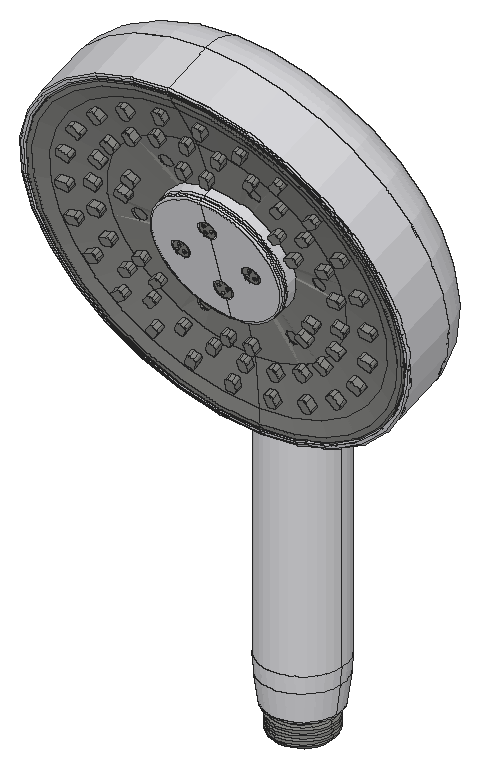
Revit family "Shower-Handshower-KOHLER-Statement_Round-K-R28694T_1", category Plumbing Fixtures, host Face, Revit 2021 (continued)
Definition of nested family "K-R28694T"
  Lines and regions (in)
    Masking region 2
      outline origin (0, 0, 0) x (0, 1, 0) y (0, 0, 1)
        loop
          line (-2.2705, 8.73882) -> (-2.13142, 8.31192) -> (-2.16332, 8.30153) -> (-2.0639, 7.99455) -> (-2.03146, 8.00512) -> (-2.00796, 7.93301) -> (-2.04053, 7.9224) -> (-1.97987, 7.73513) -> (-1.94698, 7.74584) -> (-1.8912, 7.57463) -> (-1.92438, 7.56382) -> (-1.87024, 7.39666) -> (-1.83677, 7.40757) -> (-1.75001, 7.13971) -> (-1.78351, 7.12879) -> (-1.73339, 6.97495) -> (-1.69942, 6.98602) -> (-1.58956, 6.64684) -> (-1.62315, 6.63583) -> (-1.58027, 6.50497) -> (-1.5457, 6.5163) -> (-1.43086, 6.16173) -> (-1.46481, 6.1506) -> (-1.42236, 6.02032) -> (-1.38839, 6.03138) -> (-1.27764, 5.69146) -> (-1.31161, 5.68039) -> (-1.2633, 5.53212) -> (-1.22985, 5.54301) -> (-1.14216, 5.27546) -> (-1.17564, 5.26455) -> (-1.1191, 5.09203) -> (-1.08586, 5.10286) -> (-1.02827, 4.92608) -> (-1.06119, 4.91535) -> (-1.00217, 4.73524) -> (-0.96955, 4.74587) -> (-0.94787, 4.67932) -> (-0.98037, 4.66873) -> (-0.86849, 4.32736) -> (-0.83658, 4.33776) -> (-0.69741, 3.91062)
          arc (-0.69741, 3.91062) -> (-0.6875, 3.89903) -> (-0.6723, 3.89784) r 0.01993
          line (-0.6723, 3.89784) -> (-0.6039, 3.92013)
          arc (-0.6039, 3.92013) -> (-0.55438, 3.91232) -> (-0.53161, 3.86765) r 0.05519
          line (-0.53161, 3.86765) -> (-0.53161, 0.9443)
          arc (-0.53161, 0.9443) -> (-0.52354, 0.81232) -> (-0.50857, 0.68095) r 2.5256
          line (-0.50857, 0.68095) -> (-0.46543, 0.374)
          arc (-0.46543, 0.374) -> (-0.45783, 0.35999) -> (-0.4429, 0.35441) r 0.02275
          line (-0.4429, 0.35441) -> (-0.39457, 0.35441)
          arc (-0.39457, 0.35441) -> (-0.37317, 0.34609) -> (-0.36301, 0.3255) r 0.03167
          line (-0.36301, 0.3255) -> (-0.35998, 0.29088)
          arc (-0.35998, 0.29088) -> (-0.36338, 0.27455) -> (-0.37522, 0.26282) r 0.02893
          line (-0.37522, 0.26282) -> (-0.4115, 0.24353) -> (-0.4115, 0.21272) -> (-0.3737, 0.19897) -> (-0.4115, 0.17887) -> (-0.4115, 0.14755) -> (-0.3698, 0.13237) -> (-0.4115, 0.1102) -> (-0.4115, 0.07911) -> (-0.36384, 0.05377) -> (-0.39104, 0.03807) -> (-0.35297, 0) -> (0.35297, 0)
    Masking region 3
      outline origin (0, 0, 0) x (1, 0, 0) y (0, 1, 0)
        loop
          spline (0, 0.82565) -> (-0.08657, 0.82411) -> (-0.17183, 0.81922) -> (-0.25446, 0.81108) -> (-0.33316, 0.7998) -> (-0.40669, 0.78556) -> (-0.47391, 0.76859) -> (-0.53376, 0.74915) -> (-0.5853, 0.72755) -> (-0.62773, 0.70413) -> (-0.66038, 0.67924) -> (-0.68274, 0.65329) -> (-0.69446, 0.62667)
          arc (-0.69446, 0.62667) -> (-0.74895, 0.58578) -> (-0.7858, 0.52849) r 0.19264
          line (-0.7858, 0.52849) -> (-0.7858, 0.32127)
          arc (-0.7858, 0.32127) -> (-1.31572, 0.23214) -> (-1.82546, 0.06205) r 3.46108
          arc (-1.82546, 0.06205) -> (-2.0902, -0.08094) -> (-2.32298, -0.27159) r 1.57809
          arc (-2.32298, -0.27159) -> (-2.4972, -0.50215) -> (-2.55906, -0.78443) r 0.67509
          line (-2.55906, -0.78443) -> (-2.55906, -1.48324)
          arc (-2.55906, -1.48324) -> (-2.53519, -1.5868) -> (-2.47757, -1.67609) r 0.30821
          arc (-2.47757, -1.67609) -> (-2.28319, -1.83899) -> (-2.05413, -1.94784) r 1.00145
          arc (-2.05413, -1.94784) -> (-1.04007, -2.19261) -> (0, -2.27318) r 6.54529
          arc (0, -2.27318) -> (1.04007, -2.19261) -> (2.05413, -1.94784) r 6.54529
          arc (2.05413, -1.94784) -> (2.28319, -1.83899) -> (2.47757, -1.67609) r 1.00145
          arc (2.47757, -1.67609) -> (2.53519, -1.5868) -> (2.55906, -1.48324) r 0.30821
          line (2.55906, -1.48324) -> (2.55906, -0.78443)
          arc (2.55906, -0.78443) -> (2.4972, -0.50215) -> (2.32298, -0.27159) r 0.67509
          arc (2.32298, -0.27159) -> (2.0902, -0.08094) -> (1.82546, 0.06205) r 1.57809
          arc (1.82546, 0.06205) -> (1.31572, 0.23214) -> (0.7858, 0.32127) r 3.46108
          line (0.7858, 0.32127) -> (0.7858, 0.52849)
          arc (0.7858, 0.52849) -> (0.74895, 0.58578) -> (0.69446, 0.62667) r 0.19264
          spline (0.69446, 0.62667) -> (0.68274, 0.65329) -> (0.66038, 0.67924) -> (0.62773, 0.70413) -> (0.5853, 0.72755) -> (0.53376, 0.74915) -> (0.47391, 0.76859) -> (0.40669, 0.78556) -> (0.33316, 0.7998) -> (0.25446, 0.81108) -> (0.17183, 0.81922) -> (0.08657, 0.82411) -> (0, 0.82565)
    symbolic lines, detail levels medium+fine
      curve 1: line (0.39457, 0, 0.35441) -> (-0.39457, 0, 0.35441)
      curve 2: line (0.35998, 0, 0.29088) -> (-0.35998, 0, 0.29088)
      curve 3: line (-0.37522, 0, 0.26282) -> (0.37522, 0, 0.26282)
      curve 4: line (0.3737, 0, 0.19897) -> (-0.3737, 0, 0.19897)
      curve 5: line (0.3698, 0, 0.13237) -> (-0.3698, 0, 0.13237)
      curve 6: line (0.36384, 0, 0.05377) -> (-0.36384, 0, 0.05377)
      curve 7: line (0.39104, 0, 0.03807) -> (-0.39104, 0, 0.03807)
      curve 8: line (0.4115, 0, 0.1102) -> (-0.4115, 0, 0.1102)
      curve 9: line (-0.4115, 0, 0.07911) -> (0.4115, 0, 0.07911)
      curve 10: line (0.4115, 0, 0.17887) -> (-0.4115, 0, 0.17887)
      curve 11: line (-0.4115, 0, 0.14755) -> (0.4115, 0, 0.14755)
      curve 12: line (0.4115, 0, 0.24353) -> (-0.4115, 0, 0.24353)
      curve 13: line (0.4115, 0, 0.21272) -> (-0.4115, 0, 0.21272)
      curve 14: line (0.36301, 0, 0.3255) -> (-0.36301, 0, 0.3255)
      curve 15: line (0, -0.36384, 0.05377) -> (0, 0.36384, 0.05377)
      curve 16: line (0, -0.4115, 0.1102) -> (0, 0.4115, 0.1102)
      curve 17: line (0, 0.4115, 0.07911) -> (0, -0.4115, 0.07911)
      curve 18: line (0, -0.39104, 0.03807) -> (0, 0.39104, 0.03807)
      curve 19: line (0, -0.4115, 0.14755) -> (0, 0.4115, 0.14755)
      curve 20: line (0, 0.3698, 0.13237) -> (0, -0.3698, 0.13237)
      curve 21: line (0, -0.3737, 0.19897) -> (0, 0.3737, 0.19897)
      curve 22: line (0, -0.4115, 0.21272) -> (0, 0.4115, 0.21272)
      curve 23: line (0, 0.4115, 0.24353) -> (0, -0.4115, 0.24353)
      curve 24: line (0, -0.35998, 0.29088) -> (0, 0.35998, 0.29088)
      curve 25: line (0, 0.39457, 0.35441) -> (0, -0.39457, 0.35441)
      curve 26: line (0, -0.36301, 0.3255) -> (0, 0.36301, 0.3255)
      curve 27: line (0, -0.4115, 0.17887) -> (0, 0.4115, 0.17887)
      curve 28: line (0, -0.37522, 0.26282) -> (0, 0.37522, 0.26282)
      curve 29: line (0, 0.41838, 5.55521) -> (0, 0.7365, 4.57885)
      curve 30: line (0, 0.01369, 4.20129) -> (0, 0.35112, 4.73921)
      curve 31: spline (0, 0.35112, 4.73921) -> (0, 0.34986, 4.75567) -> (0, 0.34849, 4.77211) -> (0, 0.34702, 4.78855) -> (0, 0.34543, 4.80496) -> (0, 0.34373, 4.82136) -> (0, 0.34193, 4.83774) -> (0, 0.34001, 4.8541) -> (0, 0.33798, 4.87044) -> (0, 0.33584, 4.88676) -> (0, 0.33359, 4.90305) -> (0, 0.33124, 4.91933) -> (0, 0.32877, 4.93557)
      curve 32: line (0, 0.03319, 5.95583) -> (0, 0.29108, 5.16429)
      curve 33: arc (0, 0.32877, 4.93557) -> (0, 0.31045, 5.05002) -> (0, 0.29108, 5.16429) r 12.57852
      curve 34: line (0, 0.09003, 5.92692) -> (0, 0.39493, 4.99109)
      curve 35: arc (0, 0.39493, 4.99109) -> (0, 0.42402, 4.8747) -> (0, 0.43657, 4.75539) r 0.85684
      curve 36: arc (0, 0.0527, 4.1233) -> (0, -0.23746, 3.98819) -> (0, -0.53161, 3.86201) r 10.46898
      curve 37: line (0, 0.0527, 4.1233) -> (0, 0.43657, 4.75539)
      curve 38: arc (0, -0.6039, 3.92013) -> (0, -0.29057, 4.05075) -> (0, 0.01369, 4.20129) r 5.26719
      curve 39: line (0, -2.13142, 8.31192) -> (0, -2.03118, 8.00519)
      curve 40: line (0, -2.00796, 7.93301) -> (0, -1.94682, 7.74589)
      curve 41: line (0, -1.8912, 7.57463) -> (0, -1.83751, 7.41035)
      curve 42: line (0, -1.75001, 7.13971) -> (0, -1.70091, 6.98814)
      curve 43: line (0, -1.58956, 6.64684) -> (0, -1.54635, 6.51499)
      curve 44: line (0, -1.43086, 6.16173) -> (0, -1.38839, 6.03138)
      curve 45: line (0, -1.27764, 5.69146) -> (0, -1.22905, 5.54233)
      curve 46: line (0, -1.14216, 5.27546) -> (0, -1.08118, 5.08829)
      curve 47: line (0, -1.02827, 4.92608) -> (0, -0.96955, 4.74587)
      curve 48: line (0, -0.94787, 4.67932) -> (0, -0.83658, 4.33776)
      curve 49: line (0, -0.53161, 0.9443) -> (0, 0.53161, 0.9443)
      curve 50: line (0.53161, 0, 0.9443) -> (-0.53161, 0, 0.9443)
      curve 51: line (-0.7858, 0.32127, 0) -> (-0.7858, 0.27478, 0)
      curve 52: line (0.7858, 0.32127, 0) -> (0.7858, 0.27478, 0)
      curve 53: line (-0.27923, 0.47966, 0) -> (-0.57632, 0.42158, 0)
      curve 54: line (-0.58803, 0.5083, 0) -> (-0.27923, 0.56868, 0)
      curve 55: spline (-0.27042, 0.57774, 0) -> (-0.2862, 0.59143, 0) -> (-0.29481, 0.60573, 0) -> (-0.29602, 0.62026, 0) -> (-0.28982, 0.63468, 0) -> (-0.27635, 0.64861, 0) -> (-0.25594, 0.6617, 0) -> (-0.22913, 0.67364, 0) -> (-0.19656, 0.68411, 0) -> (-0.15907, 0.69286, 0) -> (-0.11759, 0.69967, 0) -> (-0.07316, 0.70436, 0) -> (-0.0269, 0.70682, 0)
      curve 56: arc (-0.61585, 0.42161, 0) -> (-0.59609, 0.41859, 0) -> (-0.57632, 0.42158, 0) r 0.06651
      curve 57: arc (-0.69446, 0.62667, 0) -> (-0.69566, 0.59204, 0) -> (-0.68323, 0.55969, 0) r 0.08692
      curve 58: arc (-0.68323, 0.55969, 0) -> (-0.65414, 0.52876, 0) -> (-0.61577, 0.51059, 0) r 0.11415
      curve 59: arc (-0.61577, 0.51059, 0) -> (-0.602, 0.50825, 0) -> (-0.58803, 0.5083, 0) r 0.08098
      curve 60: line (-0.69685, 0.60641, 0) -> (-0.69685, 0.52241, 0)
      curve 61: arc (-0.27923, 0.56868, 0) -> (-0.27341, 0.57183, 0) -> (-0.27042, 0.57774, 0) r 0.0111
      curve 62: line (-0.27042, 0.57774, 0) -> (-0.27042, 0.48872, 0)
      curve 63: arc (-0.27042, 0.48872, 0) -> (-0.27341, 0.48282, 0) -> (-0.27923, 0.47966, 0) r 0.0111
      curve 64: line (-0.00792, 0.72165, 0) -> (-0.00792, 0.81905, 0)
      curve 65: arc (-0.0269, 0.70682, 0) -> (-0.01497, 0.71112, 0) -> (-0.00792, 0.72165, 0) r 0.0203
      curve 66: spline (0, 0.44743, 0) -> (-0.06823, 0.4504, 0) -> (-0.13169, 0.4587, 0) -> (-0.18612, 0.47179, 0) -> (-0.22785, 0.48877, 0) -> (-0.25406, 0.50851, 0) -> (-0.263, 0.52967, 0) -> (-0.25406, 0.55083, 0) -> (-0.22785, 0.57057, 0) -> (-0.18612, 0.58755, 0) -> (-0.13169, 0.60064, 0) -> (-0.06823, 0.60894, 0) -> (0, 0.61191, 0)
      curve 67: spline (0, 0.61191, 0) -> (0.06919, 0.60927, 0) -> (0.13378, 0.60115, 0) -> (0.18932, 0.58809, 0) -> (0.23197, 0.57101, 0) -> (0.2588, 0.55108, 0) -> (0.26796, 0.52967, 0) -> (0.2588, 0.50826, 0) -> (0.23197, 0.48833, 0) -> (0.18932, 0.47125, 0) -> (0.13378, 0.45819, 0) -> (0.06919, 0.45007, 0) -> (0, 0.44743, 0)
      curve 68: line (-0.00792, 0.72165, 0) -> (-0.00792, 0.61185, 0)
      curve 69: arc (-0.27042, 0.53631, 0) -> (-0.25654, 0.55078, 0) -> (-0.24029, 0.5625, 0) r 0.11074
      curve 70: line (0.28233, 0.47906, 0) -> (0.57632, 0.42158, 0)
      curve 71: arc (0.61577, 0.42158, 0) -> (0.59604, 0.41859, 0) -> (0.57632, 0.42158, 0) r 0.06651
      curve 72: line (0.69685, 0.60641, 0) -> (0.69685, 0.49678, 0)
      curve 73: line (0.59408, 0.50712, 0) -> (0.28723, 0.56711, 0)
      curve 74: arc (0.68323, 0.55969, 0) -> (0.64495, 0.52272, 0) -> (0.59408, 0.50712, 0) r 0.11415
      curve 75: spline (0.27042, 0.57774, 0) -> (0.2862, 0.59143, 0) -> (0.29481, 0.60573, 0) -> (0.29602, 0.62026, 0) -> (0.28982, 0.63468, 0) -> (0.27635, 0.64861, 0) -> (0.25594, 0.6617, 0) -> (0.22913, 0.67364, 0) -> (0.19656, 0.68411, 0) -> (0.15907, 0.69286, 0) -> (0.11759, 0.69967, 0) -> (0.07316, 0.70436, 0) -> (0.0269, 0.70682, 0)
      curve 76: line (0.00792, 0.81905, 0) -> (0.00792, 0.61189, 0)
      curve 77: arc (0.0269, 0.70682, 0) -> (0.0149, 0.71119, 0) -> (0.00792, 0.72188, 0) r 0.02022
      curve 78: arc (0.01526, 0.82542, 0) -> (0.01014, 0.8239, 0) -> (0.00792, 0.81905, 0) r 0.00643
      curve 79: arc (-0.00792, 0.81905, 0) -> (-0.01, 0.82406, 0) -> (-0.01501, 0.82614, 0) r 0.00709
      curve 80: arc (0.28723, 0.56711, 0) -> (0.27783, 0.57085, 0) -> (0.27042, 0.57774, 0) r 0.02748
      curve 81: line (0.27042, 0.57774, 0) -> (0.27042, 0.49352, 0)
      curve 82: arc (0.27042, 0.49352, 0) -> (0.27378, 0.48416, 0) -> (0.28233, 0.47906, 0) r 0.01474
      curve 83: arc (0.69446, 0.62667, 0) -> (0.69566, 0.59204, 0) -> (0.68323, 0.55969, 0) r 0.08692
      curve 84: arc (-2.38314, -1.02853, 0) -> (-2.50638, -0.93191, 0) -> (-2.55906, -0.78443, 0) r 0.28197
      curve 85: arc (2.55906, -0.78443, 0) -> (2.50712, -0.90473, 0) -> (2.42891, -1.00986, 0) r 0.56578
      curve 86: arc (-2.38314, -1.02853, 0) -> (0.02471, -1.49121, 0) -> (2.42891, -1.00986, 0) r 6.36819
      curve 87: spline (0, 0, 8.59988) -> (0.61929, 0, 8.52236) -> (1.19638, 0, 8.29508) -> (1.69193, 0, 7.93354) -> (2.07218, 0, 7.46236) -> (2.31122, 0, 6.91366) -> (2.39275, 0, 6.32484) -> (2.31122, 0, 5.73601) -> (2.07218, 0, 5.18732) -> (1.69193, 0, 4.71614) -> (1.19638, 0, 4.35459) -> (0.61929, 0, 4.12732) -> (0, 0, 4.0498)
      curve 88: spline (0, 0, 4.0498) -> (-0.61929, 0, 4.12732) -> (-1.19638, 0, 4.35459) -> (-1.69193, 0, 4.71614) -> (-2.07218, 0, 5.18732) -> (-2.31122, 0, 5.73601) -> (-2.39275, 0, 6.32484) -> (-2.31122, 0, 6.91366) -> (-2.07218, 0, 7.46236) -> (-1.69193, 0, 7.93354) -> (-1.19638, 0, 8.29508) -> (-0.61929, 0, 8.52236) -> (0, 0, 8.59988)
      curve 89: arc (-0.60441, 0, 3.9561) -> (-0.00619, 0, 3.88677) -> (0.59347, 0, 3.94229) r 2.90485
      curve 90: arc (-2.55906, 0, 6.32484) -> (-1.78493, 0, 8.07619) -> (0, 0, 8.76942) r 2.50559
      curve 91: arc (2.55906, 0, 6.32484) -> (1.78493, 0, 8.07619) -> (0, 0, 8.76942) r 2.50559
      curve 92: arc (0, 0, 8.67573) -> (-1.72452, 0, 8.01364) -> (-2.47302, 0, 6.32484) r 2.40881
      curve 93: arc (0, 0, 8.67573) -> (1.72452, 0, 8.01364) -> (2.47302, 0, 6.32484) r 2.40881
      curve 94: arc (0, 0, 3.97395) -> (-1.72452, 0, 4.63603) -> (-2.47302, 0, 6.32484) r 2.40881
      curve 95: arc (0, 0, 3.97395) -> (1.72452, 0, 4.63603) -> (2.47302, 0, 6.32484) r 2.40881
      curve 96: spline (0, 0, 5.55092) -> (-0.21894, 0, 5.57832) -> (-0.42295, 0, 5.65867) -> (-0.59815, 0, 5.78649) -> (-0.73258, 0, 5.95306) -> (-0.81709, 0, 6.14705) -> (-0.84591, 0, 6.35521) -> (-0.81709, 0, 6.56338) -> (-0.73258, 0, 6.75736) -> (-0.59815, 0, 6.92394) -> (-0.42295, 0, 7.05175) -> (-0.21894, 0, 7.1321) -> (0, 0, 7.15951)
      curve 97: spline (0, 0, 7.15951) -> (0.21894, 0, 7.1321) -> (0.42295, 0, 7.05175) -> (0.59815, 0, 6.92394) -> (0.73258, 0, 6.75736) -> (0.81709, 0, 6.56338) -> (0.84591, 0, 6.35521) -> (0.81709, 0, 6.14705) -> (0.73258, 0, 5.95306) -> (0.59815, 0, 5.78649) -> (0.42295, 0, 5.65867) -> (0.21894, 0, 5.57832) -> (0, 0, 5.55092)
      curve 98: spline (-0.00063, 0, 6.66363) -> (0.03164, 0, 6.66767) -> (0.0617, 0, 6.67951) -> (0.08752, 0, 6.69835) -> (0.10733, 0, 6.7229) -> (0.11978, 0, 6.75148) -> (0.12403, 0, 6.78216) -> (0.11978, 0, 6.81284) -> (0.10733, 0, 6.84142) -> (0.08752, 0, 6.86597) -> (0.0617, 0, 6.88481) -> (0.03164, 0, 6.89665) -> (-0.00063, 0, 6.90069)
      curve 99: spline (-0.00063, 0, 6.90069) -> (-0.03289, 0, 6.89665) -> (-0.06296, 0, 6.88481) -> (-0.08877, 0, 6.86597) -> (-0.10858, 0, 6.84142) -> (-0.12104, 0, 6.81284) -> (-0.12529, 0, 6.78216) -> (-0.12104, 0, 6.75148) -> (-0.10858, 0, 6.7229) -> (-0.08877, 0, 6.69835) -> (-0.06296, 0, 6.67951) -> (-0.03289, 0, 6.66767) -> (-0.00063, 0, 6.66363)
      curve 100: spline (-0.10574, 0, 6.78216) -> (-0.10216, 0, 6.80803) -> (-0.09166, 0, 6.83213) -> (-0.07496, 0, 6.85283) -> (-0.05319, 0, 6.86872) -> (-0.02783, 0, 6.8787) -> (-0.00063, 0, 6.88211) -> (0.02658, 0, 6.8787) -> (0.05193, 0, 6.86872) -> (0.0737, 0, 6.85283) -> (0.09041, 0, 6.83213) -> (0.10091, 0, 6.80803) -> (0.10449, 0, 6.78216)
      curve 101: spline (0.10449, 0, 6.78216) -> (0.10091, 0, 6.75629) -> (0.09041, 0, 6.73219) -> (0.0737, 0, 6.71149) -> (0.05193, 0, 6.6956) -> (0.02658, 0, 6.68562) -> (-0.00063, 0, 6.68221) -> (-0.02783, 0, 6.68562) -> (-0.05319, 0, 6.6956) -> (-0.07496, 0, 6.71149) -> (-0.09166, 0, 6.73219) -> (-0.10216, 0, 6.75629) -> (-0.10574, 0, 6.78216)
      curve 102: spline (0.00064, 0, 6.8138) -> (-0.00043, 0, 6.80608) -> (-0.00357, 0, 6.79888) -> (-0.00855, 0, 6.7927) -> (-0.01505, 0, 6.78796) -> (-0.02262, 0, 6.78498) -> (-0.03075, 0, 6.78396) -> (-0.03887, 0, 6.78498) -> (-0.04644, 0, 6.78796) -> (-0.05294, 0, 6.7927) -> (-0.05792, 0, 6.79888) -> (-0.06106, 0, 6.80608) -> (-0.06213, 0, 6.8138) -> (-0.06106, 0, 6.82152) -> (-0.05792, 0, 6.82872) -> (-0.05294, 0, 6.8349) -> (-0.04644, 0, 6.83964) -> (-0.03887, 0, 6.84262) -> (-0.03075, 0, 6.84364) -> (-0.02262, 0, 6.84262) -> (-0.01505, 0, 6.83964) -> (-0.00855, 0, 6.8349) -> (-0.00357, 0, 6.82872) -> (-0.00043, 0, 6.82152) -> (0.00064, 0, 6.8138)
      curve 103: spline (0.09091, 0, 6.76568) -> (0.08984, 0, 6.75795) -> (0.08671, 0, 6.75076) -> (0.08172, 0, 6.74458) -> (0.07522, 0, 6.73983) -> (0.06765, 0, 6.73685) -> (0.05953, 0, 6.73584) -> (0.05141, 0, 6.73685) -> (0.04384, 0, 6.73983) -> (0.03734, 0, 6.74458) -> (0.03235, 0, 6.75076) -> (0.02922, 0, 6.75795) -> (0.02815, 0, 6.76568) -> (0.02922, 0, 6.7734) -> (0.03235, 0, 6.7806) -> (0.03734, 0, 6.78678) -> (0.04384, 0, 6.79152) -> (0.05141, 0, 6.7945) -> (0.05953, 0, 6.79552) -> (0.06765, 0, 6.7945) -> (0.07522, 0, 6.79152) -> (0.08172, 0, 6.78678) -> (0.08671, 0, 6.7806) -> (0.08984, 0, 6.7734) -> (0.09091, 0, 6.76568)
      curve 104: spline (0.00184, 0, 6.73531) -> (0.00077, 0, 6.74303) -> (-0.00237, 0, 6.75023) -> (-0.00735, 0, 6.75641) -> (-0.01385, 0, 6.76115) -> (-0.02142, 0, 6.76413) -> (-0.02954, 0, 6.76515) -> (-0.03767, 0, 6.76413) -> (-0.04524, 0, 6.76115) -> (-0.05174, 0, 6.75641) -> (-0.05672, 0, 6.75023) -> (-0.05986, 0, 6.74303) -> (-0.06093, 0, 6.73531) -> (-0.05986, 0, 6.72759) -> (-0.05672, 0, 6.72039) -> (-0.05174, 0, 6.71421) -> (-0.04524, 0, 6.70947) -> (-0.03767, 0, 6.70649) -> (-0.02954, 0, 6.70547) -> (-0.02142, 0, 6.70649) -> (-0.01385, 0, 6.70947) -> (-0.00735, 0, 6.71421) -> (-0.00237, 0, 6.72039) -> (0.00077, 0, 6.72759) -> (0.00184, 0, 6.73531)
      curve 105: spline (-0.34679, 0, 6.3218) -> (-0.34807, 0, 6.35473) -> (-0.35883, 0, 6.38605) -> (-0.37824, 0, 6.41334) -> (-0.40481, 0, 6.43449) -> (-0.43648, 0, 6.44788) -> (-0.47079, 0, 6.45246) -> (-0.50511, 0, 6.44788) -> (-0.53677, 0, 6.43449) -> (-0.56334, 0, 6.41334) -> (-0.58275, 0, 6.38605) -> (-0.59352, 0, 6.35473) -> (-0.5948, 0, 6.3218)
      curve 106: spline (-0.46913, 0, 6.23556) -> (-0.49634, 0, 6.23897) -> (-0.52169, 0, 6.24895) -> (-0.54346, 0, 6.26484) -> (-0.56017, 0, 6.28554) -> (-0.57067, 0, 6.30964) -> (-0.57425, 0, 6.33551) -> (-0.57067, 0, 6.36138) -> (-0.56017, 0, 6.38548) -> (-0.54346, 0, 6.40618) -> (-0.52169, 0, 6.42207) -> (-0.49634, 0, 6.43205) -> (-0.46913, 0, 6.43546)
      curve 107: spline (-0.46913, 0, 6.43546) -> (-0.44193, 0, 6.43205) -> (-0.41657, 0, 6.42207) -> (-0.3948, 0, 6.40618) -> (-0.3781, 0, 6.38548) -> (-0.3676, 0, 6.36138) -> (-0.36401, 0, 6.33551) -> (-0.3676, 0, 6.30964) -> (-0.3781, 0, 6.28554) -> (-0.3948, 0, 6.26484) -> (-0.41657, 0, 6.24895) -> (-0.44193, 0, 6.23897) -> (-0.46913, 0, 6.23556)
      curve 108: spline (-0.59545, 0, 6.33393) -> (-0.5912, 0, 6.30325) -> (-0.57875, 0, 6.27467) -> (-0.55894, 0, 6.25012) -> (-0.53312, 0, 6.23128) -> (-0.50306, 0, 6.21944) -> (-0.47079, 0, 6.21541) -> (-0.43853, 0, 6.21944) -> (-0.40846, 0, 6.23128) -> (-0.38264, 0, 6.25012) -> (-0.36283, 0, 6.27467) -> (-0.35038, 0, 6.30325) -> (-0.34613, 0, 6.33393)
      curve 109: spline (-0.47231, 0, 6.34336) -> (-0.48044, 0, 6.34438) -> (-0.48801, 0, 6.34736) -> (-0.49451, 0, 6.3521) -> (-0.49949, 0, 6.35828) -> (-0.50263, 0, 6.36548) -> (-0.5037, 0, 6.3732) -> (-0.50263, 0, 6.38092) -> (-0.49949, 0, 6.38812) -> (-0.49451, 0, 6.3943) -> (-0.48801, 0, 6.39904) -> (-0.48044, 0, 6.40202) -> (-0.47231, 0, 6.40304)
      curve 110: spline (-0.47231, 0, 6.40304) -> (-0.46419, 0, 6.40202) -> (-0.45662, 0, 6.39904) -> (-0.45012, 0, 6.3943) -> (-0.44513, 0, 6.38812) -> (-0.442, 0, 6.38092) -> (-0.44093, 0, 6.3732) -> (-0.442, 0, 6.36548) -> (-0.44513, 0, 6.35828) -> (-0.45012, 0, 6.3521) -> (-0.45662, 0, 6.34736) -> (-0.46419, 0, 6.34438) -> (-0.47231, 0, 6.34336)
      curve 111: spline (-0.42341, 0, 6.25867) -> (-0.43153, 0, 6.25968) -> (-0.4391, 0, 6.26266) -> (-0.4456, 0, 6.26741) -> (-0.45059, 0, 6.27359) -> (-0.45372, 0, 6.28078) -> (-0.45479, 0, 6.28851) -> (-0.45372, 0, 6.29623) -> (-0.45059, 0, 6.30343) -> (-0.4456, 0, 6.30961) -> (-0.4391, 0, 6.31435) -> (-0.43153, 0, 6.31733) -> (-0.42341, 0, 6.31835)
      curve 112: spline (-0.42341, 0, 6.31835) -> (-0.41528, 0, 6.31733) -> (-0.40771, 0, 6.31435) -> (-0.40121, 0, 6.30961) -> (-0.39623, 0, 6.30343) -> (-0.39309, 0, 6.29623) -> (-0.39202, 0, 6.28851) -> (-0.39309, 0, 6.28078) -> (-0.39623, 0, 6.27359) -> (-0.40121, 0, 6.26741) -> (-0.40771, 0, 6.26266) -> (-0.41528, 0, 6.25968) -> (-0.42341, 0, 6.25867)
      curve 113: spline (-0.52293, 0, 6.27438) -> (-0.5148, 0, 6.2754) -> (-0.50723, 0, 6.27838) -> (-0.50073, 0, 6.28312) -> (-0.49575, 0, 6.2893) -> (-0.49261, 0, 6.2965) -> (-0.49154, 0, 6.30422) -> (-0.49261, 0, 6.31194) -> (-0.49575, 0, 6.31914) -> (-0.50073, 0, 6.32532) -> (-0.50723, 0, 6.33006) -> (-0.5148, 0, 6.33304) -> (-0.52293, 0, 6.33406)
      curve 114: spline (-0.52293, 0, 6.33406) -> (-0.53105, 0, 6.33304) -> (-0.53862, 0, 6.33006) -> (-0.54512, 0, 6.32532) -> (-0.5501, 0, 6.31914) -> (-0.55324, 0, 6.31194) -> (-0.55431, 0, 6.30422) -> (-0.55324, 0, 6.2965) -> (-0.5501, 0, 6.2893) -> (-0.54512, 0, 6.28312) -> (-0.53862, 0, 6.27838) -> (-0.53105, 0, 6.2754) -> (-0.52293, 0, 6.27438)
      curve 115: spline (0.00072, 0, 5.82092) -> (0.03444, 0, 5.82514) -> (0.06586, 0, 5.83752) -> (0.09285, 0, 5.85721) -> (0.11355, 0, 5.88286) -> (0.12657, 0, 5.91274) -> (0.13101, 0, 5.9448) -> (0.12657, 0, 5.97687) -> (0.11355, 0, 6.00674) -> (0.09285, 0, 6.0324) -> (0.06586, 0, 6.05209) -> (0.03444, 0, 6.06446) -> (0.00072, 0, 6.06868)
      curve 116: spline (0.00072, 0, 6.06868) -> (-0.033, 0, 6.06446) -> (-0.06443, 0, 6.05209) -> (-0.09141, 0, 6.0324) -> (-0.11212, 0, 6.00674) -> (-0.12513, 0, 5.97687) -> (-0.12957, 0, 5.9448) -> (-0.12513, 0, 5.91274) -> (-0.11212, 0, 5.88286) -> (-0.09141, 0, 5.85721) -> (-0.06443, 0, 5.83752) -> (-0.033, 0, 5.82514) -> (0.00072, 0, 5.82092)
      curve 117: spline (0.00072, 0, 6.03737) -> (-0.02877, 0, 6.03368) -> (-0.05625, 0, 6.02285) -> (-0.07985, 0, 6.00564) -> (-0.09795, 0, 5.9832) -> (-0.10933, 0, 5.95708) -> (-0.11322, 0, 5.92904) -> (-0.10933, 0, 5.901) -> (-0.09795, 0, 5.87487) -> (-0.07985, 0, 5.85244) -> (-0.05625, 0, 5.83522) -> (-0.02877, 0, 5.8244) -> (0.00072, 0, 5.82071)
      curve 118: spline (0, 0, 5.82071) -> (0.02957, 0, 5.82424) -> (0.05717, 0, 5.83494) -> (0.0809, 0, 5.85208) -> (0.09915, 0, 5.87448) -> (0.11066, 0, 5.90062) -> (0.11465, 0, 5.9287) -> (0.11085, 0, 5.9568) -> (0.09951, 0, 5.98301) -> (0.08141, 0, 6.00552) -> (0.05779, 0, 6.0228) -> (0.03026, 0, 6.03366) -> (0.00072, 0, 6.03737)
      curve 119: spline (0.06696, 0, 5.92797) -> (0.05982, 0, 5.92886) -> (0.05318, 0, 5.93148) -> (0.04747, 0, 5.93565) -> (0.04309, 0, 5.94107) -> (0.04034, 0, 5.94739) -> (0.0394, 0, 5.95417) -> (0.04034, 0, 5.96096) -> (0.04309, 0, 5.96728) -> (0.04747, 0, 5.9727) -> (0.05318, 0, 5.97687) -> (0.05982, 0, 5.97948) -> (0.06696, 0, 5.98038)
      curve 120: spline (0.06696, 0, 5.98038) -> (0.07409, 0, 5.97948) -> (0.08073, 0, 5.97687) -> (0.08644, 0, 5.9727) -> (0.09082, 0, 5.96728) -> (0.09358, 0, 5.96096) -> (0.09451, 0, 5.95417) -> (0.09358, 0, 5.94739) -> (0.09082, 0, 5.94107) -> (0.08644, 0, 5.93565) -> (0.08073, 0, 5.93148) -> (0.07409, 0, 5.92886) -> (0.06696, 0, 5.92797)
      curve 121: spline (-0.04479, 0, 6.00296) -> (-0.03766, 0, 6.00207) -> (-0.03101, 0, 5.99945) -> (-0.0253, 0, 5.99529) -> (-0.02092, 0, 5.98986) -> (-0.01817, 0, 5.98354) -> (-0.01723, 0, 5.97676) -> (-0.01817, 0, 5.96998) -> (-0.02092, 0, 5.96366) -> (-0.0253, 0, 5.95823) -> (-0.03101, 0, 5.95407) -> (-0.03766, 0, 5.95145) -> (-0.04479, 0, 5.95055)
      curve 122: spline (-0.04479, 0, 5.95055) -> (-0.05192, 0, 5.95145) -> (-0.05857, 0, 5.95407) -> (-0.06428, 0, 5.95823) -> (-0.06866, 0, 5.96366) -> (-0.07141, 0, 5.96998) -> (-0.07235, 0, 5.97676) -> (-0.07141, 0, 5.98354) -> (-0.06866, 0, 5.98986) -> (-0.06428, 0, 5.99529) -> (-0.05857, 0, 5.99945) -> (-0.05192, 0, 6.00207) -> (-0.04479, 0, 6.00296)
      curve 123: spline (-0.01115, 0, 5.92773) -> (-0.01829, 0, 5.92683) -> (-0.02493, 0, 5.92422) -> (-0.03064, 0, 5.92005) -> (-0.03502, 0, 5.91463) -> (-0.03777, 0, 5.90831) -> (-0.03871, 0, 5.90152) -> (-0.03777, 0, 5.89474) -> (-0.03502, 0, 5.88842) -> (-0.03064, 0, 5.88299) -> (-0.02493, 0, 5.87883) -> (-0.01829, 0, 5.87621) -> (-0.01115, 0, 5.87532)
      curve 124: spline (-0.01115, 0, 5.87532) -> (-0.00402, 0, 5.87621) -> (0.00263, 0, 5.87883) -> (0.00833, 0, 5.88299) -> (0.01271, 0, 5.88842) -> (0.01547, 0, 5.89474) -> (0.01641, 0, 5.90152) -> (0.01547, 0, 5.90831) -> (0.01271, 0, 5.91463) -> (0.00833, 0, 5.92005) -> (0.00263, 0, 5.92422) -> (-0.00402, 0, 5.92683) -> (-0.01115, 0, 5.92773)
      curve 125: spline (0.47231, 0, 6.40304) -> (0.48044, 0, 6.40202) -> (0.48801, 0, 6.39904) -> (0.49451, 0, 6.3943) -> (0.49949, 0, 6.38812) -> (0.50263, 0, 6.38092) -> (0.5037, 0, 6.3732) -> (0.50263, 0, 6.36548) -> (0.49949, 0, 6.35828) -> (0.49451, 0, 6.3521) -> (0.48801, 0, 6.34736) -> (0.48044, 0, 6.34438) -> (0.47231, 0, 6.34336)
      curve 126: spline (0.47231, 0, 6.34336) -> (0.46419, 0, 6.34438) -> (0.45662, 0, 6.34736) -> (0.45012, 0, 6.3521) -> (0.44513, 0, 6.35828) -> (0.442, 0, 6.36548) -> (0.44093, 0, 6.3732) -> (0.442, 0, 6.38092) -> (0.44513, 0, 6.38812) -> (0.45012, 0, 6.3943) -> (0.45662, 0, 6.39904) -> (0.46419, 0, 6.40202) -> (0.47231, 0, 6.40304)
      curve 127: spline (0.42341, 0, 6.27167) -> (0.43153, 0, 6.27269) -> (0.4391, 0, 6.27567) -> (0.4456, 0, 6.28041) -> (0.45059, 0, 6.28659) -> (0.45372, 0, 6.29379) -> (0.45479, 0, 6.30151) -> (0.45372, 0, 6.30924) -> (0.45059, 0, 6.31643) -> (0.4456, 0, 6.32261) -> (0.4391, 0, 6.32736) -> (0.43153, 0, 6.33034) -> (0.42341, 0, 6.33135)
      curve 128: spline (0.42341, 0, 6.33135) -> (0.41528, 0, 6.33034) -> (0.40771, 0, 6.32736) -> (0.40121, 0, 6.32261) -> (0.39623, 0, 6.31643) -> (0.39309, 0, 6.30924) -> (0.39202, 0, 6.30151) -> (0.39309, 0, 6.29379) -> (0.39623, 0, 6.28659) -> (0.40121, 0, 6.28041) -> (0.40771, 0, 6.27567) -> (0.41528, 0, 6.27269) -> (0.42341, 0, 6.27167)
      curve 129: spline (0.4923, 0, 6.29387) -> (0.49692, 0, 6.28367) -> (0.50514, 0, 6.27578) -> (0.51583, 0, 6.2713) -> (0.52751, 0, 6.27085) -> (0.53854, 0, 6.27449) -> (0.54742, 0, 6.28171) -> (0.5529, 0, 6.29152) -> (0.55423, 0, 6.30256) -> (0.55122, 0, 6.31329) -> (0.54429, 0, 6.32223) -> (0.5344, 0, 6.32815) -> (0.52293, 0, 6.33021)
      curve 130: spline (0.52293, 0, 6.33021) -> (0.5148, 0, 6.3292) -> (0.50723, 0, 6.32621) -> (0.50073, 0, 6.32147) -> (0.49575, 0, 6.31529) -> (0.49261, 0, 6.3081) -> (0.49154, 0, 6.30037) -> (0.49261, 0, 6.29265) -> (0.49575, 0, 6.28545) -> (0.50073, 0, 6.27927) -> (0.50723, 0, 6.27453) -> (0.5148, 0, 6.27155) -> (0.52293, 0, 6.27053)
      curve 131: spline (0.59545, 0, 6.33393) -> (0.5912, 0, 6.36461) -> (0.57875, 0, 6.39319) -> (0.55894, 0, 6.41774) -> (0.53312, 0, 6.43658) -> (0.50306, 0, 6.44842) -> (0.47079, 0, 6.45246) -> (0.43853, 0, 6.44842) -> (0.40846, 0, 6.43658) -> (0.38264, 0, 6.41774) -> (0.36283, 0, 6.39319) -> (0.35038, 0, 6.36461) -> (0.34613, 0, 6.33393)
      curve 132: spline (0.34613, 0, 6.33393) -> (0.35038, 0, 6.30325) -> (0.36283, 0, 6.27467) -> (0.38264, 0, 6.25012) -> (0.40846, 0, 6.23128) -> (0.43853, 0, 6.21944) -> (0.47079, 0, 6.21541) -> (0.50306, 0, 6.21944) -> (0.53312, 0, 6.23128) -> (0.55894, 0, 6.25012) -> (0.57875, 0, 6.27467) -> (0.5912, 0, 6.30325) -> (0.59545, 0, 6.33393)
      curve 133: spline (0.46913, 0, 6.23556) -> (0.44193, 0, 6.23897) -> (0.41657, 0, 6.24895) -> (0.3948, 0, 6.26484) -> (0.3781, 0, 6.28554) -> (0.3676, 0, 6.30964) -> (0.36401, 0, 6.33551) -> (0.3676, 0, 6.36138) -> (0.3781, 0, 6.38548) -> (0.3948, 0, 6.40618) -> (0.41657, 0, 6.42207) -> (0.44193, 0, 6.43205) -> (0.46913, 0, 6.43546)
      curve 134: spline (0.46913, 0, 6.43546) -> (0.49634, 0, 6.43205) -> (0.52169, 0, 6.42207) -> (0.54346, 0, 6.40618) -> (0.56017, 0, 6.38548) -> (0.57067, 0, 6.36138) -> (0.57425, 0, 6.33551) -> (0.57067, 0, 6.30964) -> (0.56017, 0, 6.28554) -> (0.54346, 0, 6.26484) -> (0.52169, 0, 6.24895) -> (0.49634, 0, 6.23897) -> (0.46913, 0, 6.23556)
      curve 135: line (0, 0, 5.5706) -> (0, 0, 7.13982)
      curve 136: line (0, 0, 7.13982) -> (0, 0, 5.5706)
      curve 137: spline (-0.32978, 0, 8.15926) -> (-0.32882, 0, 8.15483) -> (-0.32726, 0, 8.15056) -> (-0.32514, 0, 8.14652) -> (-0.32249, 0, 8.14278) -> (-0.31934, 0, 8.1394) -> (-0.31577, 0, 8.13643) -> (-0.31183, 0, 8.13394) -> (-0.30757, 0, 8.13196) -> (-0.30309, 0, 8.13053) -> (-0.29845, 0, 8.12967) -> (-0.29373, 0, 8.12939) -> (-0.28902, 0, 8.1297)
      curve 138: spline (-0.28902, 0, 8.1297) -> (-0.28466, 0, 8.13028) -> (-0.2803, 0, 8.13087) -> (-0.27594, 0, 8.13145) -> (-0.27158, 0, 8.13203) -> (-0.26723, 0, 8.13261) -> (-0.26287, 0, 8.13319) -> (-0.25851, 0, 8.13378) -> (-0.25415, 0, 8.13436) -> (-0.24979, 0, 8.13494) -> (-0.24543, 0, 8.13553) -> (-0.24107, 0, 8.13611) -> (-0.23671, 0, 8.13669)
      curve 139: spline (-0.23671, 0, 8.13669) -> (-0.23206, 0, 8.1376) -> (-0.22756, 0, 8.13907) -> (-0.22332, 0, 8.1411) -> (-0.21938, 0, 8.14365) -> (-0.21583, 0, 8.14666) -> (-0.21272, 0, 8.1501) -> (-0.21011, 0, 8.15389) -> (-0.20804, 0, 8.15799) -> (-0.20654, 0, 8.1623) -> (-0.20565, 0, 8.16677) -> (-0.20538, 0, 8.17131) -> (-0.20573, 0, 8.17584)
      curve 140: spline (-0.22077, 0, 8.27833) -> (-0.22174, 0, 8.28276) -> (-0.22329, 0, 8.28703) -> (-0.22541, 0, 8.29107) -> (-0.22807, 0, 8.29482) -> (-0.23121, 0, 8.2982) -> (-0.23478, 0, 8.30116) -> (-0.23872, 0, 8.30365) -> (-0.24297, 0, 8.30563) -> (-0.24746, 0, 8.30707) -> (-0.2521, 0, 8.30793) -> (-0.25681, 0, 8.30821) -> (-0.26152, 0, 8.3079)
      curve 141: spline (-0.26152, 0, 8.3079) -> (-0.26589, 0, 8.30731) -> (-0.27026, 0, 8.30673) -> (-0.27463, 0, 8.30615) -> (-0.279, 0, 8.30556) -> (-0.28337, 0, 8.30498) -> (-0.28774, 0, 8.30439) -> (-0.29211, 0, 8.30381) -> (-0.29648, 0, 8.30323) -> (-0.30085, 0, 8.30264) -> (-0.30522, 0, 8.30206) -> (-0.30959, 0, 8.30147) -> (-0.31396, 0, 8.30089)
      curve 142: spline (-0.31396, 0, 8.30089) -> (-0.3186, 0, 8.29999) -> (-0.32308, 0, 8.29852) -> (-0.32731, 0, 8.2965) -> (-0.33124, 0, 8.29396) -> (-0.33478, 0, 8.29096) -> (-0.33788, 0, 8.28753) -> (-0.34048, 0, 8.28375) -> (-0.34254, 0, 8.27967) -> (-0.34403, 0, 8.27537) -> (-0.34492, 0, 8.27092) -> (-0.34519, 0, 8.26639) -> (-0.34484, 0, 8.26187)
      curve 143: spline (-0.34484, 0, 8.26187) -> (-0.34359, 0, 8.25332) -> (-0.34233, 0, 8.24477) -> (-0.34108, 0, 8.23622) -> (-0.33982, 0, 8.22766) -> (-0.33857, 0, 8.21911) -> (-0.33731, 0, 8.21056) -> (-0.33606, 0, 8.20201) -> (-0.3348, 0, 8.19346) -> (-0.33355, 0, 8.18491) -> (-0.33229, 0, 8.17636) -> (-0.33104, 0, 8.16781) -> (-0.32978, 0, 8.15926)
      curve 144: spline (-0.20573, 0, 8.17584) -> (-0.20698, 0, 8.18438) -> (-0.20824, 0, 8.19292) -> (-0.20949, 0, 8.20146) -> (-0.21075, 0, 8.21) -> (-0.212, 0, 8.21854) -> (-0.21325, 0, 8.22708) -> (-0.21451, 0, 8.23562) -> (-0.21576, 0, 8.24416) -> (-0.21701, 0, 8.2527) -> (-0.21827, 0, 8.26124) -> (-0.21952, 0, 8.26979) -> (-0.22077, 0, 8.27833)
      curve 145: spline (-0.76792, 0, 7.9998) -> (-0.76387, 0, 8.00144) -> (-0.75981, 0, 8.00307) -> (-0.75576, 0, 8.00471) -> (-0.75171, 0, 8.00634) -> (-0.74766, 0, 8.00798) -> (-0.74361, 0, 8.00961) -> (-0.73955, 0, 8.01125) -> (-0.7355, 0, 8.01288) -> (-0.73145, 0, 8.01452) -> (-0.7274, 0, 8.01616) -> (-0.72335, 0, 8.01779) -> (-0.71929, 0, 8.01943)
      curve 146: spline (-0.71929, 0, 8.01943) -> (-0.71504, 0, 8.02145) -> (-0.71111, 0, 8.02398) -> (-0.70755, 0, 8.02699) -> (-0.70444, 0, 8.03041) -> (-0.70182, 0, 8.0342) -> (-0.69975, 0, 8.03829) -> (-0.69825, 0, 8.0426) -> (-0.69736, 0, 8.04706) -> (-0.69708, 0, 8.0516) -> (-0.69743, 0, 8.05613) -> (-0.6984, 0, 8.06058) -> (-0.69996, 0, 8.06488)
      curve 147: spline (-0.69996, 0, 8.06488) -> (-0.70348, 0, 8.07282) -> (-0.707, 0, 8.08076) -> (-0.71052, 0, 8.0887) -> (-0.71404, 0, 8.09665) -> (-0.71756, 0, 8.10459) -> (-0.72108, 0, 8.11253) -> (-0.7246, 0, 8.12047) -> (-0.72812, 0, 8.12842) -> (-0.73164, 0, 8.13636) -> (-0.73516, 0, 8.1443) -> (-0.73867, 0, 8.15225) -> (-0.74219, 0, 8.16019)
      curve 148: spline (-0.74219, 0, 8.16019) -> (-0.74432, 0, 8.16424) -> (-0.74698, 0, 8.16798) -> (-0.75012, 0, 8.17136) -> (-0.75369, 0, 8.17433) -> (-0.75764, 0, 8.17682) -> (-0.76189, 0, 8.17881) -> (-0.76637, 0, 8.18025) -> (-0.77101, 0, 8.18111) -> (-0.77573, 0, 8.1814) -> (-0.78044, 0, 8.18109) -> (-0.78507, 0, 8.1802) -> (-0.78954, 0, 8.17874)
      curve 149: spline (-0.78954, 0, 8.17874) -> (-0.7936, 0, 8.1771) -> (-0.79766, 0, 8.17546) -> (-0.80173, 0, 8.17382) -> (-0.80579, 0, 8.17218) -> (-0.80985, 0, 8.17054) -> (-0.81391, 0, 8.1689) -> (-0.81797, 0, 8.16726) -> (-0.82204, 0, 8.16562) -> (-0.8261, 0, 8.16398) -> (-0.83016, 0, 8.16234) -> (-0.83422, 0, 8.1607) -> (-0.83828, 0, 8.15906)
      curve 150: spline (-0.83828, 0, 8.15906) -> (-0.84252, 0, 8.15705) -> (-0.84644, 0, 8.15453) -> (-0.84999, 0, 8.15153) -> (-0.85309, 0, 8.14812) -> (-0.8557, 0, 8.14434) -> (-0.85776, 0, 8.14027) -> (-0.85926, 0, 8.13598) -> (-0.86015, 0, 8.13153) -> (-0.86042, 0, 8.127) -> (-0.86007, 0, 8.12248) -> (-0.85911, 0, 8.11805) -> (-0.85755, 0, 8.11376)
      curve 151: spline (-0.85755, 0, 8.11376) -> (-0.85403, 0, 8.10581) -> (-0.85051, 0, 8.09786) -> (-0.84698, 0, 8.0899) -> (-0.84346, 0, 8.08195) -> (-0.83994, 0, 8.074) -> (-0.83641, 0, 8.06604) -> (-0.83289, 0, 8.05809) -> (-0.82937, 0, 8.05014) -> (-0.82584, 0, 8.04219) -> (-0.82232, 0, 8.03424) -> (-0.81879, 0, 8.02628) -> (-0.81527, 0, 8.01833)
      curve 152: spline (-0.81527, 0, 8.01833) -> (-0.81314, 0, 8.01429) -> (-0.81049, 0, 8.01055) -> (-0.80734, 0, 8.00717) -> (-0.80377, 0, 8.0042) -> (-0.79982, 0, 8.00171) -> (-0.79557, 0, 7.99972) -> (-0.79109, 0, 7.99829) -> (-0.78645, 0, 7.99742) -> (-0.78173, 0, 7.99714) -> (-0.77702, 0, 7.99745) -> (-0.77239, 0, 7.99834) -> (-0.76792, 0, 7.9998)
      curve 153: spline (-0.76778, 0, 7.99986) -> (-0.76373, 0, 8.00149) -> (-0.75967, 0, 8.00313) -> (-0.75562, 0, 8.00476) -> (-0.75157, 0, 8.0064) -> (-0.74752, 0, 8.00803) -> (-0.74346, 0, 8.00967) -> (-0.73941, 0, 8.01131) -> (-0.73536, 0, 8.01294) -> (-0.73131, 0, 8.01458) -> (-0.72726, 0, 8.01621) -> (-0.7232, 0, 8.01785) -> (-0.71915, 0, 8.01948)
      curve 154: spline (-1.19513, 0, 7.75647) -> (-1.19166, 0, 7.75905) -> (-1.18818, 0, 7.76164) -> (-1.1847, 0, 7.76422) -> (-1.18122, 0, 7.76681) -> (-1.17774, 0, 7.76939) -> (-1.17426, 0, 7.77198) -> (-1.17078, 0, 7.77456) -> (-1.1673, 0, 7.77714) -> (-1.16382, 0, 7.77973) -> (-1.16034, 0, 7.78231) -> (-1.15687, 0, 7.7849) -> (-1.15339, 0, 7.78748)
      curve 155: spline (-1.14714, 0, 7.83606) -> (-1.15269, 0, 7.84287) -> (-1.15824, 0, 7.84968) -> (-1.16378, 0, 7.85648) -> (-1.16933, 0, 7.86329) -> (-1.17487, 0, 7.8701) -> (-1.18042, 0, 7.87691) -> (-1.18596, 0, 7.88372) -> (-1.19151, 0, 7.89052) -> (-1.19705, 0, 7.89733) -> (-1.2026, 0, 7.90414) -> (-1.20814, 0, 7.91095) -> (-1.21369, 0, 7.91776)
      curve 156: spline (-1.21369, 0, 7.91776) -> (-1.21683, 0, 7.92114) -> (-1.22041, 0, 7.92411) -> (-1.22436, 0, 7.9266) -> (-1.22861, 0, 7.92859) -> (-1.23309, 0, 7.93003) -> (-1.23773, 0, 7.9309) -> (-1.24245, 0, 7.93119) -> (-1.24716, 0, 7.93088) -> (-1.25179, 0, 7.92999) -> (-1.25626, 0, 7.92854) -> (-1.26048, 0, 7.92654) -> (-1.2644, 0, 7.92403)
      curve 157: spline (-1.30613, 0, 7.89303) -> (-1.30967, 0, 7.89004) -> (-1.31278, 0, 7.88664) -> (-1.31539, 0, 7.88287) -> (-1.31746, 0, 7.87881) -> (-1.31895, 0, 7.87452) -> (-1.31985, 0, 7.87008) -> (-1.32013, 0, 7.86556) -> (-1.31978, 0, 7.86105) -> (-1.31883, 0, 7.85661) -> (-1.31727, 0, 7.85233) -> (-1.31514, 0, 7.84827) -> (-1.31248, 0, 7.84452)
      curve 158: spline (-1.31248, 0, 7.84452) -> (-1.30692, 0, 7.8377) -> (-1.30137, 0, 7.83089) -> (-1.29582, 0, 7.82407) -> (-1.29027, 0, 7.81725) -> (-1.28472, 0, 7.81043) -> (-1.27917, 0, 7.80362) -> (-1.27361, 0, 7.7968) -> (-1.26806, 0, 7.78999) -> (-1.26251, 0, 7.78317) -> (-1.25696, 0, 7.77636) -> (-1.25141, 0, 7.76954) -> (-1.24585, 0, 7.76273)
      curve 159: spline (-1.24585, 0, 7.76273) -> (-1.24271, 0, 7.75934) -> (-1.23913, 0, 7.75638) -> (-1.23518, 0, 7.75388) -> (-1.23093, 0, 7.7519) -> (-1.22644, 0, 7.75046) -> (-1.2218, 0, 7.74959) -> (-1.21709, 0, 7.74931) -> (-1.21237, 0, 7.74961) -> (-1.20775, 0, 7.7505) -> (-1.20328, 0, 7.75196) -> (-1.19905, 0, 7.75396) -> (-1.19513, 0, 7.75647)
      curve 160: spline (-1.19501, 0, 7.75656) -> (-1.19155, 0, 7.75913) -> (-1.18808, 0, 7.76171) -> (-1.18461, 0, 7.76429) -> (-1.18114, 0, 7.76687) -> (-1.17767, 0, 7.76944) -> (-1.1742, 0, 7.77202) -> (-1.17073, 0, 7.7746) -> (-1.16726, 0, 7.77717) -> (-1.16379, 0, 7.77975) -> (-1.16032, 0, 7.78233) -> (-1.15686, 0, 7.78491) -> (-1.15339, 0, 7.78748)
      curve 161: spline (-1.2644, 0, 7.92403) -> (-1.26788, 0, 7.92144) -> (-1.27136, 0, 7.91886) -> (-1.27483, 0, 7.91628) -> (-1.27831, 0, 7.91369) -> (-1.28179, 0, 7.91111) -> (-1.28526, 0, 7.90853) -> (-1.28874, 0, 7.90594) -> (-1.29222, 0, 7.90336) -> (-1.2957, 0, 7.90078) -> (-1.29917, 0, 7.89819) -> (-1.30265, 0, 7.89561) -> (-1.30613, 0, 7.89303)
      curve 162: spline (-1.14714, 0, 7.83606) -> (-1.15269, 0, 7.84287) -> (-1.15824, 0, 7.84968) -> (-1.16378, 0, 7.85648) -> (-1.16933, 0, 7.86329) -> (-1.17487, 0, 7.8701) -> (-1.18042, 0, 7.87691) -> (-1.18596, 0, 7.88372) -> (-1.19151, 0, 7.89052) -> (-1.19705, 0, 7.89733) -> (-1.2026, 0, 7.90414) -> (-1.20814, 0, 7.91095) -> (-1.21369, 0, 7.91776)
      curve 163: spline (-1.26453, 0, 7.92393) -> (-1.268, 0, 7.92135) -> (-1.27148, 0, 7.91877) -> (-1.27496, 0, 7.91618) -> (-1.27844, 0, 7.9136) -> (-1.28191, 0, 7.91102) -> (-1.28539, 0, 7.90843) -> (-1.28887, 0, 7.90585) -> (-1.29235, 0, 7.90327) -> (-1.29582, 0, 7.90068) -> (-1.2993, 0, 7.8981) -> (-1.30278, 0, 7.89552) -> (-1.30626, 0, 7.89293)
      curve 164: spline (-1.15351, 0, 7.78739) -> (-1.14995, 0, 7.79039) -> (-1.14684, 0, 7.79381) -> (-1.14422, 0, 7.79759) -> (-1.14214, 0, 7.80166) -> (-1.14064, 0, 7.80597) -> (-1.13975, 0, 7.81042) -> (-1.13947, 0, 7.81495) -> (-1.13981, 0, 7.81949) -> (-1.14077, 0, 7.82394) -> (-1.14234, 0, 7.82823) -> (-1.14447, 0, 7.8323) -> (-1.14714, 0, 7.83606)
      curve 165: spline (-1.54156, 0, 7.41629) -> (-1.53891, 0, 7.41963) -> (-1.53626, 0, 7.42297) -> (-1.53361, 0, 7.42632) -> (-1.53096, 0, 7.42966) -> (-1.52831, 0, 7.433) -> (-1.52566, 0, 7.43634) -> (-1.52301, 0, 7.43969) -> (-1.52036, 0, 7.44303) -> (-1.51771, 0, 7.44637) -> (-1.51507, 0, 7.44972) -> (-1.51242, 0, 7.45306) -> (-1.50977, 0, 7.4564)
      curve 166: spline (-1.50977, 0, 7.4564) -> (-1.50715, 0, 7.46017) -> (-1.50507, 0, 7.46424) -> (-1.50356, 0, 7.46853) -> (-1.50266, 0, 7.47298) -> (-1.50238, 0, 7.47751) -> (-1.50272, 0, 7.48204) -> (-1.50368, 0, 7.48648) -> (-1.50524, 0, 7.49078) -> (-1.50737, 0, 7.49484) -> (-1.51004, 0, 7.49861) -> (-1.51321, 0, 7.50201) -> (-1.5168, 0, 7.50499)
      curve 167: spline (-1.5168, 0, 7.50499) -> (-1.524, 0, 7.5102) -> (-1.53119, 0, 7.51541) -> (-1.53838, 0, 7.52063) -> (-1.54558, 0, 7.52584) -> (-1.55277, 0, 7.53105) -> (-1.55996, 0, 7.53627) -> (-1.56716, 0, 7.54148) -> (-1.57435, 0, 7.54669) -> (-1.58154, 0, 7.55191) -> (-1.58874, 0, 7.55712) -> (-1.59593, 0, 7.56234) -> (-1.60312, 0, 7.56755)
      curve 168: spline (-1.60312, 0, 7.56755) -> (-1.60707, 0, 7.57005) -> (-1.61132, 0, 7.57203) -> (-1.61581, 0, 7.57347) -> (-1.62045, 0, 7.57434) -> (-1.62517, 0, 7.57463) -> (-1.62988, 0, 7.57433) -> (-1.63451, 0, 7.57345) -> (-1.63897, 0, 7.572) -> (-1.6432, 0, 7.57) -> (-1.64711, 0, 7.56749) -> (-1.65065, 0, 7.56452) -> (-1.65375, 0, 7.56113)
      curve 169: spline (-1.65375, 0, 7.56113) -> (-1.6564, 0, 7.55778) -> (-1.65906, 0, 7.55443) -> (-1.66171, 0, 7.55108) -> (-1.66437, 0, 7.54773) -> (-1.66702, 0, 7.54438) -> (-1.66968, 0, 7.54103) -> (-1.67234, 0, 7.53768) -> (-1.67499, 0, 7.53432) -> (-1.67765, 0, 7.53097) -> (-1.6803, 0, 7.52762) -> (-1.68296, 0, 7.52427) -> (-1.68561, 0, 7.52092)
      curve 170: spline (-1.68561, 0, 7.52092) -> (-1.68823, 0, 7.51717) -> (-1.6903, 0, 7.51311) -> (-1.6918, 0, 7.50883) -> (-1.6927, 0, 7.5044) -> (-1.69298, 0, 7.49989) -> (-1.69264, 0, 7.49538) -> (-1.69169, 0, 7.49094) -> (-1.69013, 0, 7.48666) -> (-1.68801, 0, 7.48261) -> (-1.68535, 0, 7.47886) -> (-1.68219, 0, 7.47546) -> (-1.67861, 0, 7.47249)
      curve 171: spline (-1.67861, 0, 7.47249) -> (-1.67141, 0, 7.46727) -> (-1.66421, 0, 7.46205) -> (-1.657, 0, 7.45683) -> (-1.6498, 0, 7.45161) -> (-1.6426, 0, 7.44639) -> (-1.6354, 0, 7.44117) -> (-1.6282, 0, 7.43595) -> (-1.621, 0, 7.43073) -> (-1.61379, 0, 7.42551) -> (-1.60659, 0, 7.42029) -> (-1.59939, 0, 7.41508) -> (-1.59219, 0, 7.40986)
      curve 172: spline (-1.59219, 0, 7.40986) -> (-1.58824, 0, 7.40736) -> (-1.58398, 0, 7.40538) -> (-1.5795, 0, 7.40394) -> (-1.57486, 0, 7.40307) -> (-1.57014, 0, 7.40278) -> (-1.56543, 0, 7.40309) -> (-1.5608, 0, 7.40397) -> (-1.55633, 0, 7.40542) -> (-1.55211, 0, 7.40742) -> (-1.54819, 0, 7.40993) -> (-1.54466, 0, 7.4129) -> (-1.54156, 0, 7.41629)
      curve 173: spline (-1.76379, 0, 7.04901) -> (-1.76228, 0, 7.0533) -> (-1.76138, 0, 7.05774) -> (-1.76109, 0, 7.06226) -> (-1.76143, 0, 7.06678) -> (-1.76239, 0, 7.07122) -> (-1.76394, 0, 7.07551) -> (-1.76607, 0, 7.07957) -> (-1.76874, 0, 7.08334) -> (-1.7719, 0, 7.08674) -> (-1.7755, 0, 7.08972) -> (-1.77947, 0, 7.09223) -> (-1.78375, 0, 7.09422)
      curve 174: spline (-1.78375, 0, 7.09422) -> (-1.7921, 0, 7.09749) -> (-1.80045, 0, 7.10075) -> (-1.8088, 0, 7.10402) -> (-1.81715, 0, 7.10729) -> (-1.8255, 0, 7.11055) -> (-1.83385, 0, 7.11382) -> (-1.8422, 0, 7.11709) -> (-1.85055, 0, 7.12036) -> (-1.85891, 0, 7.12363) -> (-1.86726, 0, 7.12689) -> (-1.87561, 0, 7.13016) -> (-1.88396, 0, 7.13343)
      curve 175: spline (-1.88396, 0, 7.13343) -> (-1.88844, 0, 7.13487) -> (-1.89308, 0, 7.13574) -> (-1.8978, 0, 7.13603) -> (-1.90251, 0, 7.13573) -> (-1.90714, 0, 7.13485) -> (-1.9116, 0, 7.1334) -> (-1.91582, 0, 7.13141) -> (-1.91974, 0, 7.12891) -> (-1.92327, 0, 7.12594) -> (-1.92637, 0, 7.12256) -> (-1.92897, 0, 7.11882) -> (-1.93105, 0, 7.11478)
      curve 176: spline (-1.93105, 0, 7.11478) -> (-1.9327, 0, 7.11089) -> (-1.93435, 0, 7.107) -> (-1.936, 0, 7.10311) -> (-1.93766, 0, 7.09922) -> (-1.93931, 0, 7.09533) -> (-1.94096, 0, 7.09144) -> (-1.94262, 0, 7.08755) -> (-1.94427, 0, 7.08366) -> (-1.94592, 0, 7.07977) -> (-1.94758, 0, 7.07588) -> (-1.94923, 0, 7.07199) -> (-1.95088, 0, 7.0681)
      curve 177: spline (-1.95088, 0, 7.0681) -> (-1.95238, 0, 7.06383) -> (-1.95329, 0, 7.0594) -> (-1.95357, 0, 7.0549) -> (-1.95323, 0, 7.05039) -> (-1.95228, 0, 7.04597) -> (-1.95073, 0, 7.04169) -> (-1.94861, 0, 7.03764) -> (-1.94595, 0, 7.03389) -> (-1.9428, 0, 7.0305) -> (-1.93922, 0, 7.02753) -> (-1.93526, 0, 7.02502) -> (-1.931, 0, 7.02303)
      curve 178: spline (-1.931, 0, 7.02303) -> (-1.92264, 0, 7.01976) -> (-1.91428, 0, 7.01649) -> (-1.90592, 0, 7.01322) -> (-1.89756, 0, 7.00994) -> (-1.88919, 0, 7.00667) -> (-1.88083, 0, 7.0034) -> (-1.87247, 0, 7.00013) -> (-1.86411, 0, 6.99686) -> (-1.85575, 0, 6.99359) -> (-1.84739, 0, 6.99032) -> (-1.83903, 0, 6.98705) -> (-1.83067, 0, 6.98378)
      curve 179: spline (-1.83067, 0, 6.98378) -> (-1.82618, 0, 6.98234) -> (-1.82154, 0, 6.98147) -> (-1.81682, 0, 6.98118) -> (-1.81211, 0, 6.98148) -> (-1.80748, 0, 6.98237) -> (-1.80302, 0, 6.98382) -> (-1.7988, 0, 6.98581) -> (-1.79488, 0, 6.98831) -> (-1.79135, 0, 6.99128) -> (-1.78825, 0, 6.99466) -> (-1.78565, 0, 6.9984) -> (-1.78358, 0, 7.00244)
      curve 180: spline (-1.78358, 0, 7.00244) -> (-1.78193, 0, 7.00632) -> (-1.78028, 0, 7.0102) -> (-1.77863, 0, 7.01408) -> (-1.77698, 0, 7.01796) -> (-1.77533, 0, 7.02184) -> (-1.77368, 0, 7.02572) -> (-1.77203, 0, 7.0296) -> (-1.77039, 0, 7.03349) -> (-1.76874, 0, 7.03737) -> (-1.76709, 0, 7.04125) -> (-1.76544, 0, 7.04513) -> (-1.76379, 0, 7.04901)
      curve 181: spline (-1.92978, 0, 6.63175) -> (-1.93872, 0, 6.63285) -> (-1.94766, 0, 6.63395) -> (-1.9566, 0, 6.63506) -> (-1.96554, 0, 6.63616) -> (-1.97448, 0, 6.63726) -> (-1.98342, 0, 6.63836) -> (-1.99236, 0, 6.63947) -> (-2.0013, 0, 6.64057) -> (-2.01024, 0, 6.64167) -> (-2.01918, 0, 6.64278) -> (-2.02812, 0, 6.64388) -> (-2.03706, 0, 6.64499)
      curve 182: spline (-2.03706, 0, 6.64499) -> (-2.04179, 0, 6.64527) -> (-2.04651, 0, 6.64497) -> (-2.05115, 0, 6.64408) -> (-2.05562, 0, 6.64263) -> (-2.05985, 0, 6.64063) -> (-2.06377, 0, 6.63811) -> (-2.0673, 0, 6.63513) -> (-2.0704, 0, 6.63174) -> (-2.07299, 0, 6.62798) -> (-2.07505, 0, 6.62394) -> (-2.07654, 0, 6.61966) -> (-2.07742, 0, 6.61524)
      curve 183: spline (-2.07742, 0, 6.61524) -> (-2.07796, 0, 6.61107) -> (-2.0785, 0, 6.60691) -> (-2.07903, 0, 6.60274) -> (-2.07957, 0, 6.59858) -> (-2.08011, 0, 6.59441) -> (-2.08065, 0, 6.59025) -> (-2.08118, 0, 6.58609) -> (-2.08172, 0, 6.58192) -> (-2.08226, 0, 6.57776) -> (-2.0828, 0, 6.57359) -> (-2.08333, 0, 6.56943) -> (-2.08387, 0, 6.56526)
      curve 184: spline (-2.08387, 0, 6.56526) -> (-2.08414, 0, 6.56078) -> (-2.08379, 0, 6.5563) -> (-2.08283, 0, 6.55189) -> (-2.08127, 0, 6.54764) -> (-2.07915, 0, 6.54361) -> (-2.07649, 0, 6.53988) -> (-2.07335, 0, 6.53651) -> (-2.06977, 0, 6.53355) -> (-2.06582, 0, 6.53106) -> (-2.06157, 0, 6.52908) -> (-2.05708, 0, 6.52764) -> (-2.05245, 0, 6.52677)
      curve 185: spline (-2.05245, 0, 6.52677) -> (-2.0435, 0, 6.52567) -> (-2.03455, 0, 6.52456) -> (-2.0256, 0, 6.52346) -> (-2.01665, 0, 6.52235) -> (-2.0077, 0, 6.52125) -> (-1.99875, 0, 6.52014) -> (-1.9898, 0, 6.51904) -> (-1.98085, 0, 6.51793) -> (-1.9719, 0, 6.51683) -> (-1.96294, 0, 6.51573) -> (-1.95399, 0, 6.51462) -> (-1.94504, 0, 6.51352)
      curve 186: spline (-1.94504, 0, 6.51352) -> (-1.94031, 0, 6.51324) -> (-1.93559, 0, 6.51354) -> (-1.93095, 0, 6.51443) -> (-1.92648, 0, 6.51589) -> (-1.92225, 0, 6.51789) -> (-1.91833, 0, 6.5204) -> (-1.9148, 0, 6.52338) -> (-1.9117, 0, 6.52678) -> (-1.90911, 0, 6.53053) -> (-1.90705, 0, 6.53458) -> (-1.90556, 0, 6.53885) -> (-1.90468, 0, 6.54328)
      curve 187: spline (-1.90468, 0, 6.54328) -> (-1.90415, 0, 6.54743) -> (-1.90361, 0, 6.55159) -> (-1.90307, 0, 6.55574) -> (-1.90254, 0, 6.55989) -> (-1.902, 0, 6.56405) -> (-1.90146, 0, 6.5682) -> (-1.90093, 0, 6.57236) -> (-1.90039, 0, 6.57651) -> (-1.89985, 0, 6.58066) -> (-1.89932, 0, 6.58482) -> (-1.89878, 0, 6.58897) -> (-1.89824, 0, 6.59313)
      curve 188: spline (-1.89824, 0, 6.59313) -> (-1.89798, 0, 6.59763) -> (-1.89833, 0, 6.60213) -> (-1.89929, 0, 6.60655) -> (-1.90085, 0, 6.61082) -> (-1.90299, 0, 6.61486) -> (-1.90565, 0, 6.6186) -> (-1.90881, 0, 6.62199) -> (-1.9124, 0, 6.62495) -> (-1.91636, 0, 6.62745) -> (-1.92063, 0, 6.62944) -> (-1.92513, 0, 6.63088) -> (-1.92978, 0, 6.63175)
      curve 189: spline (-1.94505, 0, 6.1577) -> (-1.954, 0, 6.15671) -> (-1.96295, 0, 6.15573) -> (-1.9719, 0, 6.15474) -> (-1.98085, 0, 6.15375) -> (-1.9898, 0, 6.15277) -> (-1.99875, 0, 6.15178) -> (-2.0077, 0, 6.1508) -> (-2.01665, 0, 6.14981) -> (-2.0256, 0, 6.14883) -> (-2.03455, 0, 6.14784) -> (-2.0435, 0, 6.14686) -> (-2.05245, 0, 6.14588)
